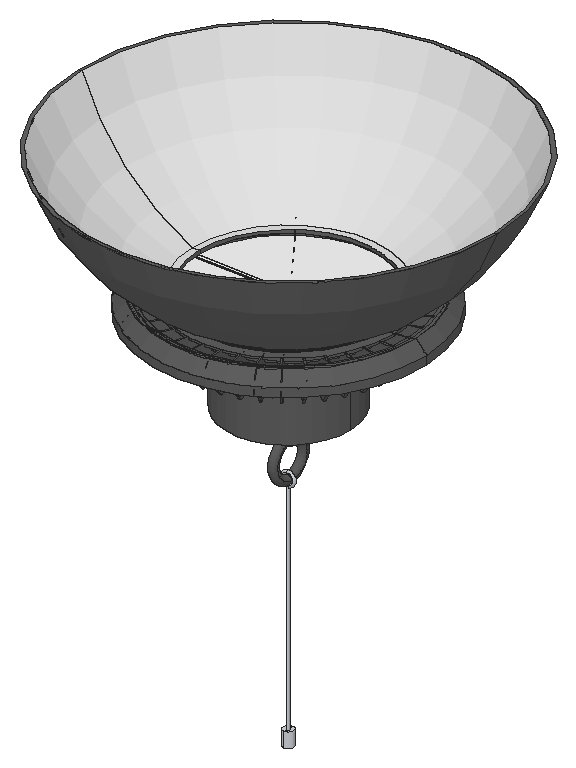
Revit family "0039344+0039357 Feilo Sylvania Lighting Fixture START HIGHBAY 4K 13KLM MEDIUM with ALU SHADE BLACK COLOR FOR 13_19KLM", category Lighting Fixtures, host Face, Revit 2017
Family settings
  Host = Face
  Round Connector Dimension = Use Diameter
  Part Type = Normal
  OmniClass Number = 23.80.70.00
  OmniClass Title = Lighting
  Cut with Voids When Loaded = No
  Light Source = Yes
  Shared = No
  Room Calculation Point = No
Parameters (values of type "0039344+0039357 START HIGHBAY 4K 13KLM MEDIUM ALU SHADE BLACK COLOR FOR 13/19KLM")
  WidthStraight_FEILO = if(SizeS_FEILO, 3 mm, if(SizeM_FEILO, 4 mm, 4.7 mm))  # 3 mm
  WidthRingChamfer_FEILO = if(SizeS_FEILO, 10.3 mm, if(SizeM_FEILO, 11.2 mm, 12.9 mm))  # 10.3 mm
  WidthCurved_FEILO = if(SizeS_FEILO, 17.4 mm, if(SizeM_FEILO, 16.4 mm, 26.2 mm))  # 17.4 mm
  WidthCurvedRing_FEILO = if(SizeS_FEILO, 3 mm, if(SizeM_FEILO, 4 mm, 4.7 mm))  # 3 mm
  WidthBracket_FEILO = 40 mm
  Weight = "3.0 kg"
  Wattage Comments = ""
  Wattage = 100 W
  WarrantyStartDate [instance] = "n/a"
  WarrantyGuarantorParts = "n/a"
  WarrantyDurationUnit = "n/a"
  WarrantyDurationParts = "n/a"
  WarrantyDescription = "n/a"
  built-in parameter 1150110 = 1 (stored number, unit not read)
  Voltage = 230 V
  VisibilityBracket_FEILO = no
  URL = "http://www.sylvania-lighting.com"
  TypeName = "START HIGHBAY 4K 13KLM MEDIUM ALU SHADE BLACK COLOR FOR 13/19KLM"
  Type Image = <None>
  Type Comments = "n/a"
  built-in parameter 1114217 = 1 (stored number, unit not read)
  Tilt Angle = -90.00°
  ThicknessWall_FEILO = 1.5 mm
  ThicknessBracket_FEILO = 1.5 mm
  ThicknessBracketHalf_FEILO = ThicknessBracket_FEILO / 2  # 0.75 mm
  built-in parameter 1150109 = 1 (stored number, unit not read)
  built-in parameter 1150134 = 12
  SuspensionHeight_FEILO [instance] = 400 mm
  built-in parameter 1150113 = 1 (stored number, unit not read)
  SizeS_FEILO = yes
  SizeM_FEILO = no
  ShadeThickness_FEILO = 3 mm
  ShadeSizeSM_FEILO = or(SizeS_FEILO, SizeM_FEILO)  # yes
  ShadeRadiusOut_FEILO = 205 mm
  ShadeRadiusIn_FEILO = if(ShadeSizeSM_FEILO, 95 mm, 121 mm)  # 95 mm
  ShadeRadiusBend_FEILO = if(ShadeSizeSM_FEILO, 210 mm, 210 mm)  # 210 mm
  ShadeHeight_FEILO = if(ShadeSizeSM_FEILO, 120 mm, 151 mm)  # 120 mm
  SerialNumber [instance] = "n/a"
  Rib4_FEILO = if(SizeS_FEILO, 18.1 mm, if(SizeM_FEILO, 13.6 mm, 14.6 mm))  # 18.1 mm
  Rib3_FEILO = if(SizeS_FEILO, 15.3 mm, if(SizeM_FEILO, 17.6 mm, 20.2 mm))  # 15.3 mm
  Rib2_FEILO = if(SizeS_FEILO, 3.6 mm, if(SizeM_FEILO, 3.9 mm, 4.5 mm))  # 3.6 mm
  Rib1_FEILO = if(SizeS_FEILO, 15.1 mm, if(SizeM_FEILO, 16.5 mm, 19 mm))  # 15.1 mm
  RadiusDiffuser_FEILO = if(SizeS_FEILO, 95.2 mm, if(SizeM_FEILO, 105.3 mm, 120 mm))  # 95.2 mm
  RadiusArrayPost_FEILO = DriverRadius_FEILO - 6 mm  # 55.4 mm
  RHRadius3_FEILO = if(SizeS_FEILO, 6.6 mm, if(SizeM_FEILO, 7.4 mm, 8.6 mm))  # 6.6 mm
  RHRadius2_FEILO = if(SizeS_FEILO, 11 mm, if(SizeM_FEILO, 12 mm, 14 mm))  # 11 mm
  RHRadius1_FEILO = if(SizeS_FEILO, 13.6 mm, if(SizeM_FEILO, 14.9 mm, 17.7 mm))  # 13.6 mm
  RHHeight4_FEILO = if(SizeS_FEILO, 7.3 mm, if(SizeM_FEILO, 8 mm, 9.2 mm))  # 7.3 mm
  RHHeight3_FEILO = if(SizeS_FEILO, 3.6 mm, if(SizeM_FEILO, 3.7 mm, 4.6 mm))  # 3.6 mm
  RHHeight2_FEILO = if(SizeS_FEILO, 2 mm, if(SizeM_FEILO, 2.2 mm, 2.6 mm))  # 2 mm
  RHHeight1_FEILO = if(SizeS_FEILO, 11.8 mm, if(SizeM_FEILO, 15.3 mm, 17.4 mm))  # 11.8 mm
  Photometric Web File = "0039344+0039357.ies"
  Material_5_FEILO = Shade-Sylvania-StartHighbay-Alu
  Material_3_FEILO = LED-Sylvania-StartHighbay-Glow
  PowerFactor = 0.95
  PowerConsumption = "100 W"
  NominalLength = 270 mm
  NominalHeight = 170 mm
  NominalDepth = 270 mm
  Name = "START HIGHBAY 4K 13KLM MEDIUM ALU SHADE BLACK COLOR FOR 13/19KLM"
  ModelReference = Name  # "START HIGHBAY 4K 13KLM MEDIUM ALU SHADE BLACK COLOR FOR 13/19KLM"
  ModelNumber = "0039344+0039357"
  Model = Name  # "START HIGHBAY 4K 13KLM MEDIUM ALU SHADE BLACK COLOR FOR 13/19KLM"
  Material = "aluminium alloy housing, polycarbonate diffuser"
  ManufacturerName = "Feilo Sylvania"
  Manufacturer = "Feilo Sylvania"
  LuminousEfficacy = "130 lm/W"
  built-in parameter 1150105 = 17668 (stored number, unit not read)
  Lumens = 13000 lm
  LuminaireType = ""
  built-in parameter 1150115 = 1 (stored number, unit not read)
  LightOutputRatio = "n/a"
  built-in parameter 1150137 = (empty or 0)
  built-in parameter 1150139 = (empty or 0)
  LampsType = Lamp  # "LED"
  LampNominalLuminous = "13000 lm"
  LampMacAdamStep = "n/a"
  LampColourTemperature = "4000 K"
  LampColourRenderingIndex = "80"
  built-in parameter 1150112 = 1 (stored number, unit not read)
  built-in parameter 1150114 = 1 (stored number, unit not read)
  Lamp = "LED"
  Keynote = "16500"
  InstallationDate [instance] = "n/a"
  InputVoltage = "220-240V~"
  InputNominalFrequency = "50/60 Hz"
  built-in parameter 1150132 = (empty or 0)
  built-in parameter 1150102 = (empty or 0)
  built-in parameter 1150107 = 4000 (stored number, unit not read)
  built-in parameter 1150138 = (empty or 0)
  IngressProtection = "IP65"
  ImpactProtectionIndex = "IK08"
  built-in parameter 1150106 = 176.68 (stored number, unit not read)
  IfcExportType = "IfcLightFixtureType"
  IfcExportAs = "IfcLightFixtureType"
  HeightRing_FEILO = if(SizeS_FEILO, 19.8 mm, if(SizeM_FEILO, 32 mm, 36.8 mm))  # 19.8 mm
  HeightRingChamfer_FEILO = if(SizeS_FEILO, 11.7 mm, if(SizeM_FEILO, 23.2 mm, 26.6 mm))  # 11.7 mm
  EyeThickness_FEILO = if(SizeS_FEILO, 8.4 mm, if(SizeM_FEILO, 9.2 mm, 10.5 mm))  # 8.4 mm
  EyeThicknessHalf_FEILO = EyeThickness_FEILO / 2  # 4.2 mm
  EyeInner_FEILO = if(SizeS_FEILO, 13.8 mm, if(SizeM_FEILO, 15.1 mm, 17.3 mm))  # 13.8 mm
  ExpectedLife = 50000
  Emit from Circle Diameter = RadiusDiffuser_FEILO * 2  # 190.4 mm
  Emit Shape Visible in Rendering = no
  ElectricShockClassification = "Class I"
  built-in parameter 1150104 = 12.077 (stored number, unit not read)
  DurationUnit = "hours"
  DriverVerticalStraight_FEILO = if(SizeS_FEILO, 46.5 mm, if(SizeM_FEILO, 49.7 mm, 57 mm))  # 46.5 mm
  DriverVerticalChamfer_FEILO = if(SizeS_FEILO, 7.5 mm, if(SizeM_FEILO, 8.2 mm, 9.5 mm))  # 7.5 mm
  DriverRadius_FEILO = if(SizeS_FEILO, 61.4 mm, if(SizeM_FEILO, 67.2 mm, 76.4 mm))  # 61.4 mm
  DriverRadiusTop_FEILO = if(SizeS_FEILO, 42 mm, if(SizeM_FEILO, 45.3 mm, 52.4 mm))  # 42 mm
  DriverBottom_FEILO = if(SizeS_FEILO, 56 mm, if(SizeM_FEILO, 64.5 mm, 74 mm))  # 56 mm
  DocumentationLiterature = "http://www.sylvania-lighting.com/product/en-int/products/0039344"
  DimmingControlOptions = "n/a"
  Material_2_FEILO = Diffuser-Sylvania-StartHighbay-Transparent
  Radius_FEILO = if(SizeS_FEILO, 135 mm, if(SizeM_FEILO, 148 mm, 169.5 mm))  # 135 mm
  Dimming Lamp Color Temperature Shift = <None>
  DiameterWire_FEILO = 3 mm
  DiameterWireSupport_FEILO = 10 mm
  Description = "START HIGHBAY, includes 1 m cables, black aluminium housing, 13000LM, 100W, 130lm/W, 4000K, Driver current: 2140mA, CR80, 60° beam angle, 1-10V dimmable,  IP65, IK08, 50,000 hrs (L70B50), (LxWxH) 270x270x170mm"
  Default Elevation = 1219.2 mm
  CreatedOn = "2/28/2018"
  CreatedBy = ""
  Cost = 0
  Color Filter = 16777215
  built-in parameter 1114216 [instance] = (empty or 0)
  ClassificationValue = "EF_70_80"
  ClassificationName = "Uniclass2015"
  Material_1_FEILO = Body-Sylvania-StartHighbay-Black
  BarCode [instance] = "n/a"
  built-in parameter 1114218 = 1 (stored number, unit not read)
  built-in parameter 1150133 = 10 (stored number, unit not read)
  AssetType = "Fixed"
  AssetIdentifier [instance] = "n/a"
  Assembly Code = "D5020200"
  Apparent Load = 100 VA
  Material_4_FEILO = Shade-Sylvania-StartHighbay-Black
Reference planes
  plane 1 "Center (Front/Back)": y = 0
  plane 2: z = 0
  plane 3 "Center (Left/Right)": x = 0
  plane 4: z = 400
  plane 5: x = -135
  plane 6: x = -124.7
  plane 7: z = 388.3
  plane 8: z = 380.2
  plane 9: x = -121.7
  plane 10: z = 397.375
  plane 11: x = -104.3
  plane 12: x = -95.2
  plane 13: x = -118.7
  plane 14: z = 398.375
  plane 15: z = 396.375
  plane 16: x = -92.2
  plane 17: z = 395.375
  plane 18: x = -133.5
  plane 19: x = -119.9
  plane 20: z = 376.6
  plane 21: x = -104.6
  plane 22: z = 358.5
  plane 23: x = -20
  plane 24: z = 344
  plane 25: x = -61.4
  plane 26: z = 297.5
  plane 27: x = -42
  plane 28: z = 290
  plane 29: x = -13.6
  plane 30: z = 278.2
  plane 31: z = 276.2
  plane 32: x = -11
  plane 33: z = 272.6
  plane 34: z = 265.3
  plane 35: x = -6.6
  plane 36: z = 251.5
  plane 37: z = 237.7
  plane 38: x = 4.2
  plane 39: x = -4.2
  plane 40: z = 229.3
  plane 41: z = 233.5
  plane 42: x = -129.1
  plane 43: x = -132.5
  plane 44: z = 378.7
  plane 45: x = -123.2
  plane 46: z = 320.75
  plane 47: y = -20
  plane 48: y = 20
  plane 49: x = 135
  plane 50: x = 124.7
  plane 51: x = 133.5
  plane 52: x = 129.1
  plane 53: x = 132.5
  plane 54: x = 123.2
  plane 55: z = 240.7
  plane 56: y = 1.5
  plane 57: y = -1.5
  plane 58: z = 239.2
  plane 59: z = 227.8
  plane 60: z = 226.3
  plane 61: y = -5
  plane 62: y = 5
  plane 63: z = 14
  plane 64: x = -205
  plane 65: z = 520
  plane 66: x = -95
  plane 67: x = -87
  plane 68: x = -202
  plane 69: z = 403
Forms (mm)
  Revolve 1, solid, material "Body-Sylvania-StartHighbay-Black" <- "Material_1_FEILO", detail levels medium+fine
    sketch origin (0, 0, 0) x (1, 0, 0) y (0, 0, 1)
      loop
        line (-135, 380.2) -> (-133.5, 380.2) -> (-133.5, 387.734) -> (-125.012, 397.375) -> (-118.7, 397.375) -> (-118.7, 399.16)
        arc (-118.7, 399.16) -> (-120.206, 399.56) -> (-121.7, 400) r 58.981
        line (-121.7, 400) -> (-124.241, 400)
        arc (-124.241, 400) -> (-124.657, 399.911) -> (-124.999, 399.66) r 1.015
        line (-124.999, 399.66) -> (-135, 388.3) -> (-135, 380.2)
      axis (0, 400) -> (0, 380.2)
    angle from 360 to 0
  Revolve 2, solid, material "Body-Sylvania-StartHighbay-Black" <- "Material_1_FEILO", detail levels medium+fine
    sketch origin (0, 0, 0) x (1, 0, 0) y (0, 0, 1)
      loop
        line (-104.3, 395.375) -> (-95.2, 395.375) -> (-95.2, 388.3) -> (0, 388.3) -> (0, 395.375) -> (-92.2, 395.375) -> (-92.2, 396.375) -> (-95.2, 396.375) -> (-95.2, 397.375) -> (-104.3, 397.375) -> (-104.3, 395.375)
      axis (0, 397.375) -> (0, 388.3)
    angle from 360 to 0
  Revolve 3, solid, material "Diffuser-Sylvania-StartHighbay-Transparent" <- "Material_2_FEILO", detail levels medium+fine
    sketch origin (0, 0, 0) x (1, 0, 0) y (0, 0, 1)
      loop
        line (-95.2, 396.375) -> (0, 396.375) -> (0, 398.375) -> (-95.2, 398.375) -> (-95.2, 396.375)
      axis (0, 398.375) -> (0, 396.375)
    angle from 360 to 0
  Revolve 4, solid, material "Body-Sylvania-StartHighbay-Black" <- "Material_1_FEILO"
    sketch origin (0, 0, 0) x (1, 0, 0) y (0, 0, 1)
      loop
        line (-61.4, 358.5) -> (-61.4, 297.5) -> (-42, 290) -> (-13.6, 290) -> (-13.6, 278.2) -> (-11, 276.2) -> (-11, 272.6) -> (-7.037, 266.026)
        arc (-7.037, 266.026) -> (-6.49, 265.494) -> (-5.753, 265.3) r 1.5
        line (-5.753, 265.3) -> (0, 265.3) -> (0, 358.5) -> (-61.4, 358.5)
      axis (0, 358.5) -> (0, 265.3)
    angle from 360 to 0
  Revolve 5, solid, material "Body-Sylvania-StartHighbay-Black" <- "Material_1_FEILO"
    sketch origin (0, 0, 0) x (1, 0, 0) y (0, 0, 1)
      loop
        circle (0, 233.5) r 4.2
      axis (4.2, 251.5) -> (-4.2, 251.5)
    angle from 360 to 0
  Extrusion 6, solid, material "Body-Sylvania-StartHighbay-Black" <- "Material_1_FEILO", visible <- "VisibilityBracket_FEILO"
    sketch origin (0, 0, 0) x (1, 0, 0) y (0, 0, 1)
      loop
        line (-132.5, 380.2) -> (-132.5, 378.7) -> (-125.45, 378.7)
        arc (-125.45, 378.7) -> (-124.92, 378.48) -> (-124.7, 377.95) r 0.75
        line (-124.7, 377.95) -> (-124.7, 320.75) -> (-123.2, 320.75) -> (-123.2, 378.7)
        arc (-123.2, 378.7) -> (-123.639, 379.761) -> (-124.7, 380.2) r 1.5
        line (-124.7, 380.2) -> (-132.5, 380.2)
      loop
        line (132.5, 380.2) -> (124.7, 380.2)
        arc (124.7, 380.2) -> (123.639, 379.761) -> (123.2, 378.7) r 1.5
        line (123.2, 378.7) -> (123.2, 320.75) -> (124.7, 320.75) -> (124.7, 377.95)
        arc (124.7, 377.95) -> (124.92, 378.48) -> (125.45, 378.7) r 0.75
        line (125.45, 378.7) -> (132.5, 378.7) -> (132.5, 380.2)
    from -20 to 20
  Extrusion 7, void
    sketch origin (0, 0, 0) x (0, 1, 0) y (0, 0, 1)
      loop
        arc (-10, 320.75) -> (-17.071, 323.679) -> (-20, 330.75) r 10
        line (-20, 330.75) -> (-25, 330.75) -> (-25, 315.75) -> (-10, 315.75) -> (-10, 320.75)
      loop
        line (10, 320.75) -> (10, 315.75) -> (25, 315.75) -> (25, 330.75) -> (20, 330.75)
        arc (20, 330.75) -> (17.071, 323.679) -> (10, 320.75) r 10
    from -124.7 to 124.7
  Revolve 8, solid, material "Body-Sylvania-StartHighbay-Black" <- "Material_1_FEILO", detail levels coarse
    sketch origin (0, 0, 0) x (1, 0, 0) y (0, 0, 1)
      loop
        line (0, 400) -> (-124.7, 400) -> (-135, 388.3) -> (-135, 380.2) -> (-119.9, 380.2) -> (-119.9, 376.6) -> (-104.6, 358.5) -> (0, 358.5) -> (0, 400)
      axis (0, 400) -> (0, 358.5)
    angle from 360 to 0
  Revolve 9, solid
    sketch origin (0, 0, 0) x (0, 1, 0) y (0, 0, 1)
      loop
        circle (0, 239.2) r 1.5
      axis (1.5, 233.5) -> (-1.5, 233.5)
    angle from 360 to 0
  Revolve 10, solid
    sketch origin (0, 0, 0) x (0, 1, 0) y (0, 0, 1)
      loop
        line (0, 0) -> (0, 227.8) -> (-1.5, 227.8) -> (-1.5, 14) -> (-5, 14) -> (-5, 0) -> (0, 0)
      axis (0, 0) -> (0, 227.8)
    angle from 360 to 0
  Revolve 11, solid, material "Shade-Sylvania-StartHighbay-Black" <- "Material_4_FEILO"
    sketch origin (0, 0, 0) x (1, 0, 0) y (0, 0, 1)
      loop
        line (-95, 400) -> (-87, 400) -> (-87, 403) -> (-94.341, 403)
        arc (-94.341, 403) -> (-159.747, 450.78) -> (-201.81, 520) r 207
        line (-201.81, 520) -> (-205, 520)
        arc (-205, 520) -> (-162.101, 448.908) -> (-95, 400) r 210
      axis (0, 520) -> (0, 400)
    angle from 360 to 0
Cuts and joins
  Extrusion 7 cuts Extrusion 6
Lines and regions (mm)
  reference lines
    curve 1: line (-135, 0, 388.3) -> (-124.7, 0, 400)
    curve 2: line (-104.3, 0, 397.375) -> (0, 0, 397.375)
    curve 3: arc (-104.3, 0, 397.375) -> (-113.098, 0, 398.035) -> (-121.7, 0, 400) r 58.981
    curve 4: line (-124.7, 0, 400) -> (-121.7, 0, 400)
    curve 5: line (-125.012, 0, 397.375) -> (-133.5, 0, 387.734)
    curve 6: line (-119.9, 0, 376.6) -> (-104.6, 0, 358.5)
    curve 7: line (-11, 0, 272.6) -> (-6.6, 0, 265.3)
    curve 8: circle (0, 0, 233.5) r 4.2 normal (0, -1, 0)
    curve 9: arc (-95, 0, 400) -> (-162.101, 0, 448.908) -> (-205, 0, 520) r 210
Dimensions and locks
  "Radius_FEILO": plane 3 "Center (Left/Right)" to plane 5
  "WidthRingChamfer_FEILO": plane 6 to plane 5
  "WidthStraight_FEILO": plane 9 to plane 6
  "WidthCurvedRing_FEILO": plane 13 to plane 9
  locked: plane 10 to plane 15 at 1
  locked: plane 14 to plane 10 at 1
  locked: plane 4 to plane 10 at 2.625
  locked: plane 15 to plane 17 at 1
  "ThicknessWall_FEILO": plane 18 to plane 5
  "ThicknessWall_FEILO": curve 5 to curve 1
  "HeightRingChamfer_FEILO": plane 4 to plane 7
  "HeightRing_FEILO": plane 4 to plane 8
  "RadiusDiffuser_FEILO": plane 3 "Center (Left/Right)" to plane 12
  locked: plane 16 to plane 12 at 3
  "WidthCurved_FEILO": plane 11 to plane 9
  "SuspensionHeight_FEILO": plane 4 to plane 2
  "Rib1_FEILO": plane 19 to plane 5
  "Rib2_FEILO": plane 8 to plane 20
  "Rib3_FEILO": plane 21 to plane 19
  "Rib4_FEILO": plane 20 to plane 22
  locked: plane 3 "Center (Left/Right)" to plane 23 at 20
  "DriverBottom_FEILO": plane 4 to plane 24
  "DriverRadius_FEILO": plane 3 "Center (Left/Right)" to plane 25
  "DriverVerticalStraight_FEILO": plane 24 to plane 26
  "DriverRadiusTop_FEILO": plane 3 "Center (Left/Right)" to plane 27
  "DriverVerticalChamfer_FEILO": plane 26 to plane 28
  "RHRadius1_FEILO": plane 3 "Center (Left/Right)" to plane 29
  "RHHeight2_FEILO": plane 30 to plane 31
  "RHRadius2_FEILO": plane 3 "Center (Left/Right)" to plane 32
  "RHHeight3_FEILO": plane 31 to plane 33
  "RHHeight4_FEILO": plane 33 to plane 34
  "RHRadius3_FEILO": plane 3 "Center (Left/Right)" to plane 35
  "RHHeight1_FEILO": plane 28 to plane 30
  "EyeInner_FEILO": plane 34 to plane 36
  "EyeInner_FEILO": plane 36 to plane 37
  equal spacing: plane 38, plane 3 "Center (Left/Right)", plane 39
  "EyeThickness_FEILO": plane 38 to plane 39
  "EyeThickness_FEILO": plane 37 to plane 40
  equal spacing: plane 37, plane 41, plane 40
  equal spacing: plane 6, plane 42, plane 18
  "ThicknessBracket_FEILO": plane 45 to plane 6
  "ThicknessBracket_FEILO": plane 8 to plane 44
  locked: plane 43 to plane 18 at 1
  equal spacing: plane 24, plane 46, plane 26
  equal spacing: plane 47, plane 1 "Center (Front/Back)", plane 48
  "WidthBracket_FEILO": plane 47 to plane 48
  "WidthRingChamfer_FEILO": plane 50 to plane 49
  "ThicknessWall_FEILO": plane 51 to plane 49
  equal spacing: plane 50, plane 52, plane 51
  "ThicknessBracket_FEILO": plane 54 to plane 50
  locked: plane 53 to plane 51 at 1
  "Radius_FEILO": plane 49 to plane 3 "Center (Left/Right)"
  equal spacing: plane 57, imposter light, plane 56
  "DiameterWire_FEILO": plane 57 to plane 56
  "DiameterWire_FEILO": plane 37 to plane 55
  equal spacing: plane 37, plane 58, plane 55
  "DiameterWire_FEILO": plane 60 to plane 40
  equal spacing: plane 60, plane 59, plane 40
  equal spacing: plane 61, plane 1 "Center (Front/Back)", plane 62
  "DiameterWireSupport_FEILO": plane 61 to plane 62
  locked: plane 63 to plane 2 at 14
  "ShadeRadiusOut_FEILO": plane 3 "Center (Left/Right)" to plane 64
  "ShadeHeight_FEILO": plane 65 to plane 4
  "ShadeRadiusIn_FEILO": plane 3 "Center (Left/Right)" to plane 66
  locked: plane 67 to plane 66 at 8
  "ShadeThickness_FEILO": plane 69 to plane 4
  "ShadeThickness_FEILO": plane 68 to plane 64
  "EyeThicknessHalf_FEILO": radius of curve 8
  "ThicknessBracket_FEILO": radius of Extrusion 6 sketch curve  (x2)
  "ThicknessBracketHalf_FEILO": radius of Extrusion 6 sketch curve  (x2)
  "DiameterWire_FEILO": diameter of Revolve 9 sketch curve
  "ShadeRadiusBend_FEILO": radius of curve 9
  aligned and locked: plane 2 to host face
  aligned and locked: level to host face
  aligned and locked: plane 5 to curve 1
  aligned and locked: plane 6 to curve 1
  aligned and locked: plane 7 to curve 1
  aligned and locked: plane 10 to curve 2
  aligned and locked: plane 9 to curve 3
  aligned and locked: plane 4 to curve 3
  aligned and locked: plane 11 to curve 3
  aligned and locked: plane 4 to curve 4
  aligned and locked: plane 18 to curve 5
  aligned and locked: plane 10 to curve 5
  aligned and locked: Revolve 1 sketch curve to plane 3 "Center (Left/Right)"
  aligned and locked: Revolve 1 sketch curve to curve 3
  aligned and locked: Revolve 1 sketch curve to curve 1
  aligned and locked: plane 4 to Revolve 1 sketch curve
  aligned and locked: plane 9 to Revolve 1 sketch curve
  aligned and locked: Revolve 1 sketch curve to plane 13
  aligned and locked: Revolve 1 sketch curve to plane 10
  aligned and locked: plane 13 to Revolve 1 sketch curve
  aligned and locked: plane 10 to Revolve 1 sketch curve
  aligned and locked: Revolve 1 sketch curve to plane 18
  aligned and locked: Revolve 1 sketch curve to plane 8
  aligned and locked: plane 5 to Revolve 1 sketch curve  (x2)
  aligned and locked: Revolve 2 sketch curve to plane 3 "Center (Left/Right)"
  aligned and locked: plane 11 to Revolve 2 sketch curve
  aligned and locked: Revolve 2 sketch curve to curve 2
  aligned and locked: plane 15 to Revolve 2 sketch curve
  aligned and locked: Revolve 2 sketch curve to plane 16
  aligned and locked: plane 17 to Revolve 2 sketch curve  (x2)
  aligned and locked: Revolve 2 sketch curve to plane 12
  aligned and locked: plane 7 to Revolve 2 sketch curve
  aligned and locked: Revolve 3 sketch curve to plane 3 "Center (Left/Right)"
  aligned and locked: Revolve 3 sketch curve to plane 14
  aligned and locked: plane 3 "Center (Left/Right)" to Revolve 3 sketch curve
  aligned and locked: Revolve 3 sketch curve to plane 12
  aligned and locked: plane 15 to Revolve 3 sketch curve
  aligned and locked: Revolve 1 sketch curve to curve 5
  aligned and locked: plane 22 to curve 6
  aligned and locked: plane 21 to curve 6
  aligned and locked: plane 20 to curve 6
  aligned and locked: plane 19 to curve 6
  aligned and locked: plane 33 to curve 7
  aligned and locked: plane 32 to curve 7
  aligned and locked: plane 35 to curve 7
  aligned and locked: plane 34 to curve 7
  aligned and locked: Revolve 4 sketch curve to plane 3 "Center (Left/Right)"
  aligned and locked: Revolve 4 sketch curve to plane 25
  aligned and locked: plane 27 to Revolve 4 sketch curve
  aligned and locked: plane 28 to Revolve 4 sketch curve
  aligned and locked: plane 30 to Revolve 4 sketch curve
  aligned and locked: Revolve 4 sketch curve to plane 29
  aligned and locked: plane 31 to Revolve 4 sketch curve
  aligned and locked: Revolve 4 sketch curve to curve 7
  aligned and locked: Revolve 4 sketch curve to plane 32
  aligned and locked: plane 34 to Revolve 4 sketch curve
  aligned and locked: plane 3 "Center (Left/Right)" to Revolve 4 sketch curve
  aligned and locked: plane 3 "Center (Left/Right)" to curve 8
  aligned and locked: plane 41 to curve 8
  aligned and locked: Revolve 5 sketch curve to plane 36
  aligned and locked: Revolve 5 sketch curve to curve 8
  aligned and locked: plane 43 to Extrusion 6 sketch curve  (x2)
  aligned and locked: plane 8 to Extrusion 6 sketch curve  (x3)
  aligned and locked: Extrusion 6 sketch curve to plane 45
  aligned and locked: Extrusion 6 sketch curve to plane 46  (x2)
  aligned and locked: plane 6 to Extrusion 6 sketch curve
  aligned and locked: Extrusion 6 sketch curve to plane 44  (x2)
  aligned and locked: Extrusion 6 to plane 48
  aligned and locked: plane 47 to Extrusion 6
  aligned and locked: plane 53 to Extrusion 6 sketch curve
  aligned and locked: plane 50 to Extrusion 6 sketch curve
  aligned and locked: Extrusion 6 sketch curve to plane 54
  aligned and locked: Extrusion 7 sketch curve to Extrusion 7 sketch curve
  aligned and locked: Extrusion 7 to plane 6
  aligned and locked: Extrusion 7 to Extrusion 6
  aligned and locked: Revolve 4 sketch curve to plane 22
  aligned and locked: plane 23 to nested 1
  aligned and locked: plane 1 "Center (Front/Back)" to nested 1
  aligned and locked: Revolve 8 sketch curve to plane 3 "Center (Left/Right)"
  aligned and locked: Revolve 8 sketch curve to plane 4
  aligned and locked: plane 6 to Revolve 8 sketch curve
  aligned and locked: plane 4 to Revolve 8 sketch curve
  aligned and locked: plane 7 to Revolve 8 sketch curve
  aligned and locked: Revolve 8 sketch curve to plane 5
  aligned and locked: plane 8 to Revolve 8 sketch curve  (x2)
  aligned and locked: Revolve 8 sketch curve to plane 19
  aligned and locked: plane 20 to Revolve 8 sketch curve
  aligned and locked: plane 19 to Revolve 8 sketch curve
  aligned and locked: plane 21 to Revolve 8 sketch curve
  aligned and locked: plane 22 to Revolve 8 sketch curve  (x2)
  aligned and locked: Revolve 8 sketch curve to Revolve 8 sketch curve
  aligned and locked: imposter light to plane 4
  aligned and locked: plane 3 "Center (Left/Right)" to imposter light
  aligned and locked: imposter light to plane 1 "Center (Front/Back)"
  aligned and locked: Revolve 9 sketch curve to plane 41
  aligned and locked: Revolve 10 sketch curve to plane 1 "Center (Front/Back)"
  aligned and locked: plane 1 "Center (Front/Back)" to Revolve 10 sketch curve  (x2)
  aligned and locked: host face to Revolve 10 sketch curve
  aligned and locked: plane 63 to Revolve 10 sketch curve
  aligned and locked: Revolve 10 sketch curve to plane 61
  aligned and locked: Revolve 10 sketch curve to plane 57
  aligned and locked: plane 59 to Revolve 10 sketch curve
  aligned and locked: plane 64 to curve 9
  aligned and locked: plane 65 to curve 9
  aligned and locked: plane 66 to curve 9
  aligned and locked: plane 4 to curve 9
  aligned and locked: Revolve 11 sketch curve to curve 9
  aligned and locked: plane 67 to Revolve 11 sketch curve
  aligned and locked: plane 66 to Revolve 11 sketch curve
  aligned and locked: plane 65 to Revolve 11 sketch curve  (x2)
  aligned and locked: Revolve 11 sketch curve to plane 67
  aligned and locked: plane 69 to Revolve 11 sketch curve
Automatic sketch dimensions
  host sketch curve to host sketch curve = 2438.4 mm  (x2)
  Revolve 1 sketch curve to plane 6 = 0.299 mm
  plane 6 to Revolve 1 sketch curve = 0.459 mm
  Revolve 1 sketch curve to level = 609.6 mm
  Revolve 1 sketch curve to Revolve 1 sketch curve = 2312.223 mm
  Revolve 2 sketch curve to plane 12 = 0 mm
  Revolve 2 sketch curve to plane 3 "Center (Left/Right)" = 0 mm
  Revolve 2 sketch curve to level = 609.6 mm
  Revolve 2 sketch curve to plane 4 = 2339.058 mm
  Revolve 3 sketch curve to level = 609.6 mm
  Revolve 3 sketch curve to plane 4 = 2339.058 mm
  Revolve 5 sketch curve to plane 5 = 1080 mm
  plane 38 to Revolve 5 sketch curve = 1219.2 mm
  Extrusion 7 sketch curve to plane 47 = 0 mm
  plane 46 to Extrusion 7 sketch curve = 0 mm  (x2)
  Extrusion 7 sketch curve to plane 48 = 0 mm
  plane 47 to Extrusion 7 sketch curve = 5 mm
  plane 1 "Center (Front/Back)" to Extrusion 7 sketch curve = 10 mm
  Extrusion 7 sketch curve to Extrusion 7 sketch curve = 10 mm
  plane 46 to Extrusion 7 sketch curve = 5 mm
  Extrusion 7 sketch curve to Extrusion 7 sketch curve = 5 mm
  Extrusion 7 sketch curve to plane 48 = 5 mm
  Revolve 4 sketch curve to plane 26 = 0 mm
  Revolve 4 sketch curve to plane 35 = 0.437 mm
  plane 35 to Revolve 4 sketch curve = 0.847 mm
  Revolve 4 sketch curve to plane 34 = 0.726 mm
  plane 40 to Revolve 4 sketch curve = 590.2 mm
  Revolve 4 sketch curve to plane 4 = 2339.058 mm
  Revolve 8 sketch curve to level = 609.6 mm
  Revolve 8 sketch curve to Revolve 8 sketch curve = 2386.058 mm
  Revolve 9 sketch curve to plane 1 "Center (Front/Back)" = 0 mm
  plane 58 to Revolve 9 sketch curve = 0 mm
  plane 47 to Revolve 9 sketch curve = 2534.941 mm
  Revolve 9 sketch curve to plane 48 = 2077.409 mm
  Revolve 10 sketch curve to Revolve 10 sketch curve = 609.6 mm
  Revolve 10 sketch curve to plane 4 = 2123.807 mm
  curve 2 to plane 3 "Center (Left/Right)" = 0 mm
  Revolve 11 sketch curve to Revolve 11 sketch curve = 0 mm  (x2)
  Revolve 11 sketch curve to plane 3 "Center (Left/Right)" = 0 mm
  plane 66 to Revolve 11 sketch curve = 0.659 mm
  Revolve 11 sketch curve to level = 609.6 mm
  Revolve 11 sketch curve to Revolve 11 sketch curve = 2068.248 mm
Nested families
  nested 1: "Start Highbay Rib" at (0, 0, 397.375), type "Type Name", detail levels medium+fine
    with SuspensionHeight_FEILO 2.6 mm
  nested 2: "Start Highbay Rib" at (0, 0, 397.375) x (0.9877, 0.1564, 0) z (0, 0, 1), type "Type Name", detail levels medium+fine
    with SuspensionHeight_FEILO 2.6 mm
  nested 3: "Start Highbay Rib" at (0, 0, 397.375) x (0.9511, 0.309, 0) z (0, 0, 1), type "Type Name", detail levels medium+fine
    with SuspensionHeight_FEILO 2.6 mm
  nested 4: "Start Highbay Rib" at (0, 0, 397.375) x (0.891, 0.454, 0) z (0, 0, 1), type "Type Name", detail levels medium+fine
    with SuspensionHeight_FEILO 2.6 mm
  nested 5: "Start Highbay Rib" at (0, 0, 397.375) x (0.809, 0.5878, 0) z (0, 0, 1), type "Type Name", detail levels medium+fine
    with SuspensionHeight_FEILO 2.6 mm
  nested 6: "Start Highbay Rib" at (0, 0, 397.375) x (0.7071, 0.7071, 0) z (0, 0, 1), type "Type Name", detail levels medium+fine
    with SuspensionHeight_FEILO 2.6 mm
  nested 7: "Start Highbay Rib" at (0, 0, 397.375) x (0.5878, 0.809, 0) z (0, 0, 1), type "Type Name", detail levels medium+fine
    with SuspensionHeight_FEILO 2.6 mm
  nested 8: "Start Highbay Rib" at (0, 0, 397.375) x (0.454, 0.891, 0) z (0, 0, 1), type "Type Name", detail levels medium+fine
    with SuspensionHeight_FEILO 2.6 mm
  nested 9: "Start Highbay Rib" at (0, 0, 397.375) x (0.309, 0.9511, 0) z (0, 0, 1), type "Type Name", detail levels medium+fine
    with SuspensionHeight_FEILO 2.6 mm
  nested 10: "Start Highbay Rib" at (0, 0, 397.375) x (0.1564, 0.9877, 0) z (0, 0, 1), type "Type Name", detail levels medium+fine
    with SuspensionHeight_FEILO 2.6 mm
  nested 11: "Start Highbay Rib" at (0, 0, 397.375) x (0, 1, 0) z (0, 0, 1), type "Type Name", detail levels medium+fine
    with SuspensionHeight_FEILO 2.6 mm
  nested 12: "Start Highbay Rib" at (0, 0, 397.375) x (-0.1564, 0.9877, 0) z (0, 0, 1), type "Type Name", detail levels medium+fine
    with SuspensionHeight_FEILO 2.6 mm
  nested 13: "Start Highbay Rib" at (0, 0, 397.375) x (-0.309, 0.9511, 0) z (0, 0, 1), type "Type Name", detail levels medium+fine
    with SuspensionHeight_FEILO 2.6 mm
  nested 14: "Start Highbay Rib" at (0, 0, 397.375) x (-0.454, 0.891, 0) z (0, 0, 1), type "Type Name", detail levels medium+fine
    with SuspensionHeight_FEILO 2.6 mm
  nested 15: "Start Highbay Rib" at (0, 0, 397.375) x (-0.5878, 0.809, 0) z (0, 0, 1), type "Type Name", detail levels medium+fine
    with SuspensionHeight_FEILO 2.6 mm
  nested 16: "Start Highbay Rib" at (0, 0, 397.375) x (-0.7071, 0.7071, 0) z (0, 0, 1), type "Type Name", detail levels medium+fine
    with SuspensionHeight_FEILO 2.6 mm
  nested 17: "Start Highbay Rib" at (0, 0, 397.375) x (-0.809, 0.5878, 0) z (0, 0, 1), type "Type Name", detail levels medium+fine
    with SuspensionHeight_FEILO 2.6 mm
  nested 18: "Start Highbay Rib" at (0, 0, 397.375) x (-0.891, 0.454, 0) z (0, 0, 1), type "Type Name", detail levels medium+fine
    with SuspensionHeight_FEILO 2.6 mm
  nested 19: "Start Highbay Rib" at (0, 0, 397.375) x (-0.9511, 0.309, 0) z (0, 0, 1), type "Type Name", detail levels medium+fine
    with SuspensionHeight_FEILO 2.6 mm
  nested 20: "Start Highbay Rib" at (0, 0, 397.375) x (-0.9877, 0.1564, 0) z (0, 0, 1), type "Type Name", detail levels medium+fine
    with SuspensionHeight_FEILO 2.6 mm
  nested 21: "Start Highbay Rib" at (0, 0, 397.375) x (-1, 0, 0) z (0, 0, 1), type "Type Name", detail levels medium+fine
    with SuspensionHeight_FEILO 2.6 mm
  nested 22: "Start Highbay Rib" at (0, 0, 397.375) x (-0.9877, -0.1564, 0) z (0, 0, 1), type "Type Name", detail levels medium+fine
    with SuspensionHeight_FEILO 2.6 mm
  nested 23: "Start Highbay Rib" at (0, 0, 397.375) x (-0.9511, -0.309, 0) z (0, 0, 1), type "Type Name", detail levels medium+fine
    with SuspensionHeight_FEILO 2.6 mm
  nested 24: "Start Highbay Rib" at (0, 0, 397.375) x (-0.891, -0.454, 0) z (0, 0, 1), type "Type Name", detail levels medium+fine
    with SuspensionHeight_FEILO 2.6 mm
  nested 25: "Start Highbay Rib" at (0, 0, 397.375) x (-0.809, -0.5878, 0) z (0, 0, 1), type "Type Name", detail levels medium+fine
    with SuspensionHeight_FEILO 2.6 mm
  nested 26: "Start Highbay Rib" at (0, 0, 397.375) x (-0.7071, -0.7071, 0) z (0, 0, 1), type "Type Name", detail levels medium+fine
    with SuspensionHeight_FEILO 2.6 mm
  nested 27: "Start Highbay Rib" at (0, 0, 397.375) x (-0.5878, -0.809, 0) z (0, 0, 1), type "Type Name", detail levels medium+fine
    with SuspensionHeight_FEILO 2.6 mm
  nested 28: "Start Highbay Rib" at (0, 0, 397.375) x (-0.454, -0.891, 0) z (0, 0, 1), type "Type Name", detail levels medium+fine
    with SuspensionHeight_FEILO 2.6 mm
  nested 29: "Start Highbay Rib" at (0, 0, 397.375) x (-0.309, -0.9511, 0) z (0, 0, 1), type "Type Name", detail levels medium+fine
    with SuspensionHeight_FEILO 2.6 mm
  nested 30: "Start Highbay Rib" at (0, 0, 397.375) x (-0.1564, -0.9877, 0) z (0, 0, 1), type "Type Name", detail levels medium+fine
    with SuspensionHeight_FEILO 2.6 mm
  nested 31: "Start Highbay Rib" at (0, 0, 397.375) x (0, -1, 0) z (0, 0, 1), type "Type Name", detail levels medium+fine
    with SuspensionHeight_FEILO 2.6 mm
  nested 32: "Start Highbay Rib" at (0, 0, 397.375) x (0.1564, -0.9877, 0) z (0, 0, 1), type "Type Name", detail levels medium+fine
    with SuspensionHeight_FEILO 2.6 mm
  nested 33: "Start Highbay Rib" at (0, 0, 397.375) x (0.309, -0.9511, 0) z (0, 0, 1), type "Type Name", detail levels medium+fine
    with SuspensionHeight_FEILO 2.6 mm
  nested 34: "Start Highbay Rib" at (0, 0, 397.375) x (0.454, -0.891, 0) z (0, 0, 1), type "Type Name", detail levels medium+fine
    with SuspensionHeight_FEILO 2.6 mm
  nested 35: "Start Highbay Rib" at (0, 0, 397.375) x (0.5878, -0.809, 0) z (0, 0, 1), type "Type Name", detail levels medium+fine
    with SuspensionHeight_FEILO 2.6 mm
  nested 36: "Start Highbay Rib" at (0, 0, 397.375) x (0.7071, -0.7071, 0) z (0, 0, 1), type "Type Name", detail levels medium+fine
    with SuspensionHeight_FEILO 2.6 mm
  nested 37: "Start Highbay Rib" at (0, 0, 397.375) x (0.809, -0.5878, 0) z (0, 0, 1), type "Type Name", detail levels medium+fine
    with SuspensionHeight_FEILO 2.6 mm
  nested 38: "Start Highbay Rib" at (0, 0, 397.375) x (0.891, -0.454, 0) z (0, 0, 1), type "Type Name", detail levels medium+fine
    with SuspensionHeight_FEILO 2.6 mm
  nested 39: "Start Highbay Rib" at (0, 0, 397.375) x (0.9511, -0.309, 0) z (0, 0, 1), type "Type Name", detail levels medium+fine
    with SuspensionHeight_FEILO 2.6 mm
  nested 40: "Start Highbay Rib" at (0, 0, 397.375) x (0.9877, -0.1564, 0) z (0, 0, 1), type "Type Name", detail levels medium+fine
    with SuspensionHeight_FEILO 2.6 mm
Connectors
  electrical at (0, 0, 0), driven by "Apparent Load", driven by "PowerFactor", driven by "Voltage"
    settings: index 1, voltage 230 V, apparent load 100 VA, apparent load phase1 0 VA, apparent load phase2 0 VA, apparent load phase3 0 VA, power factor 0.95, load classification "Lighting", number of poles 1, system type 30, power factor state 1, is connector primary yes, connector utility no, sub classification motor no, connector description ""
Definition of nested family "Start Highbay Rib"
  Parameters (values of type "Type Name")
    WidthStraight_FEILO = if(SizeS_FEILO, 3 mm, if(SizeM_FEILO, 4 mm, 4.7 mm))  # 3 mm
    WidthRingChamfer_FEILO = if(SizeS_FEILO, 10.3 mm, if(SizeM_FEILO, 11.2 mm, 12.9 mm))  # 10.3 mm
    WidthCurved_FEILO = if(SizeS_FEILO, 17.4 mm, if(SizeM_FEILO, 16.4 mm, 26.2 mm))  # 17.4 mm
    WidthCurvedRing_FEILO = if(SizeS_FEILO, 3 mm, if(SizeM_FEILO, 4 mm, 4.7 mm))  # 3 mm
    WidthBracket_FEILO = 40 mm
    URL = "http://www.feilosylvania.com"
    Type Image = (empty or 0)
    Type Comments = "n/a"
    ThicknessWall_FEILO = 1.5 mm
    ThicknessBracket_FEILO = 1.5 mm
    ThicknessBracketHalf_FEILO = ThicknessBracket_FEILO / 2  # 0.75 mm
    SuspensionHeight_FEILO [instance] = 2.6 mm
    SizeS_FEILO = yes
    SizeM_FEILO = no
    Rib4_FEILO = if(SizeS_FEILO, 18.1 mm, if(SizeM_FEILO, 13.6 mm, 14.6 mm))  # 18.1 mm
    Rib3_FEILO = if(SizeS_FEILO, 15.3 mm, if(SizeM_FEILO, 17.6 mm, 20.2 mm))  # 15.3 mm
    Rib2_FEILO = if(SizeS_FEILO, 3.6 mm, if(SizeM_FEILO, 3.9 mm, 4.5 mm))  # 3.6 mm
    Rib1_FEILO = if(SizeS_FEILO, 15.1 mm, if(SizeM_FEILO, 16.5 mm, 19 mm))  # 15.1 mm
    RadiusRib_FEILO = 2 mm
    RadiusDiffuser_FEILO = if(SizeS_FEILO, 95.2 mm, if(SizeM_FEILO, 105.3 mm, 120 mm))  # 95.2 mm
    RHRadius3_FEILO = if(SizeS_FEILO, 6.6 mm, if(SizeM_FEILO, 7.4 mm, 8.6 mm))  # 6.6 mm
    RHRadius2_FEILO = if(SizeS_FEILO, 11 mm, if(SizeM_FEILO, 12 mm, 14 mm))  # 11 mm
    RHRadius1_FEILO = if(SizeS_FEILO, 13.6 mm, if(SizeM_FEILO, 14.9 mm, 17.7 mm))  # 13.6 mm
    RHHeight4_FEILO = if(SizeS_FEILO, 7.3 mm, if(SizeM_FEILO, 8 mm, 9.2 mm))  # 7.3 mm
    RHHeight3_FEILO = if(SizeS_FEILO, 3.6 mm, if(SizeM_FEILO, 3.7 mm, 4.6 mm))  # 3.6 mm
    RHHeight2_FEILO = if(SizeS_FEILO, 2 mm, if(SizeM_FEILO, 2.2 mm, 2.6 mm))  # 2 mm
    RHHeight1_FEILO = if(SizeS_FEILO, 11.8 mm, if(SizeM_FEILO, 15.3 mm, 17.4 mm))  # 11.8 mm
    Material_3_FEILO = none
    Model = ""
    Manufacturer = "Feilo Sylvania"
    Keynote = "16500"
    HeightRing_FEILO = if(SizeS_FEILO, 19.8 mm, if(SizeM_FEILO, 32 mm, 36.8 mm))  # 19.8 mm
    HeightRingChamfer_FEILO = if(SizeS_FEILO, 11.7 mm, if(SizeM_FEILO, 23.2 mm, 26.6 mm))  # 11.7 mm
    EyeThickness_FEILO = if(SizeS_FEILO, 8.4 mm, if(SizeM_FEILO, 9.2 mm, 10.5 mm))  # 8.4 mm
    EyeThicknessHalf_FEILO = EyeThickness_FEILO / 2  # 4.2 mm
    EyeInner_FEILO = if(SizeS_FEILO, 13.8 mm, if(SizeM_FEILO, 15.1 mm, 17.3 mm))  # 13.8 mm
    DriverVerticalStraight_FEILO = if(SizeS_FEILO, 46.5 mm, if(SizeM_FEILO, 49.7 mm, 57 mm))  # 46.5 mm
    DriverVerticalChamfer_FEILO = if(SizeS_FEILO, 7.5 mm, if(SizeM_FEILO, 8.2 mm, 9.5 mm))  # 7.5 mm
    DriverRadius_FEILO = if(SizeS_FEILO, 61.4 mm, if(SizeM_FEILO, 67.2 mm, 76.4 mm))  # 61.4 mm
    DriverRadiusTop_FEILO = if(SizeS_FEILO, 42 mm, if(SizeM_FEILO, 45.3 mm, 52.4 mm))  # 42 mm
    DriverBottom_FEILO = if(SizeS_FEILO, 56 mm, if(SizeM_FEILO, 64.5 mm, 74 mm))  # 56 mm
    Material_2_FEILO = none
    Radius_FEILO = if(SizeS_FEILO, 135 mm, if(SizeM_FEILO, 148 mm, 169.5 mm))  # 135 mm
    Description = ""
    Default Elevation = 1219.2 mm
    Cost = 0
    Material_1_FEILO = none
    Assembly Code = "D5020200"
    Material_4_FEILO = none
  Reference planes
    plane 1 "Center (Front/Back)": y = 0
    plane 2: z = 0
    plane 3 "Center (Left/Right)": x = 0
    plane 4: z = 2.6
    plane 5: x = -135
    plane 6: x = -124.7
    plane 7: z = -9.1
    plane 8: z = -17.2
    plane 9: x = -121.7
    plane 10: z = -0.025
    plane 11: x = -104.3
    plane 12: x = -95.2
    plane 13: x = -118.7
    plane 14: z = 0.975
    plane 15: z = -1.025
    plane 16: x = -92.2
    plane 17: z = -2.025
    plane 18: x = -133.5
    plane 19: x = -119.9
    plane 20: z = -20.8
    plane 21: x = -104.6
    plane 22: z = -38.9
    plane 23: x = -20
    plane 24: z = -53.4
    plane 25: x = -61.4
    plane 26: z = -99.9
    plane 27: x = -42
    plane 28: z = -107.4
    plane 29: x = -13.6
    plane 30: z = -119.2
    plane 31: z = -121.2
    plane 32: x = -11
    plane 33: z = -124.8
    plane 34: z = -132.1
    plane 35: x = -6.6
    plane 36: z = -145.9
    plane 37: z = -159.7
    plane 38: x = 4.2
    plane 39: x = -4.2
    plane 40: z = -168.1
    plane 41: z = -163.9
    plane 42: x = -129.1
    plane 43: x = -132.5
    plane 44: z = -18.7
    plane 45: x = -123.2
    plane 46: z = -76.65
    plane 47: y = -20
    plane 48: y = 20
    plane 49: x = 135
    plane 50: x = 124.7
    plane 51: x = 133.5
    plane 52: x = 129.1
    plane 53: x = 132.5
    plane 54: x = 123.2
    plane 55: y = 0.75
    plane 56: y = -0.75
  Forms (mm)
    Extrusion 1, solid
      sketch origin (4.2, 0, 0) x (1, 0, 0) y (0, 1, 0)
        loop
          line (-1219.2, 1219.2) -> (-1219.2, -1219.2) -> (1219.2, -1219.2) -> (1219.2, 1219.2) -> (-1219.2, 1219.2)
      from 0 to -68.017
    Extrusion 2, solid, material <- "Material_1_FEILO"
      sketch origin (0, 0, 0) x (1, 0, 0) y (0, 0, 1)
        loop
          arc (-104.3, -0.025) -> (-111.555, 0.423) -> (-118.7, 1.76) r 58.981
          line (-118.7, 1.76) -> (-118.7, -0.025) -> (-125.012, -0.025) -> (-133.5, -9.666) -> (-133.5, -17.2) -> (-119.9, -17.2) -> (-119.9, -20.068)
          arc (-119.9, -20.068) -> (-119.778, -20.755) -> (-119.427, -21.359) r 2
          line (-119.427, -21.359) -> (-104.966, -38.467)
          arc (-104.966, -38.467) -> (-104.381, -38.789) -> (-103.723, -38.9) r 2
          line (-103.723, -38.9) -> (-20, -38.9) -> (-20, -9.1) -> (-95.2, -9.1) -> (-95.2, -2.025) -> (-104.3, -2.025) -> (-104.3, -0.025)
      from -0.75 to 0.75
  Lines and regions (mm)
    reference lines
      curve 1: line (-135, 0, -9.1) -> (-124.7, 0, 2.6)
      curve 2: line (-104.3, 0, -0.025) -> (0, 0, -0.025)
      curve 3: arc (-104.3, 0, -0.025) -> (-113.098, 0, 0.635) -> (-121.7, 0, 2.6) r 58.981
      curve 4: line (-124.7, 0, 2.6) -> (-121.7, 0, 2.6)
      curve 5: line (-125.012, 0, -0.025) -> (-133.5, 0, -9.666)
      curve 6: line (-119.9, 0, -20.8) -> (-104.6, 0, -38.9)
  Dimensions and locks
    "Radius_FEILO": plane 3 "Center (Left/Right)" to plane 5
    "WidthRingChamfer_FEILO": plane 6 to plane 5
    "WidthStraight_FEILO": plane 9 to plane 6
    "WidthCurvedRing_FEILO": plane 13 to plane 9
    locked: plane 10 to plane 15 at 1
    locked: plane 14 to plane 10 at 1
    locked: plane 4 to plane 10 at 2.625
    locked: plane 15 to plane 17 at 1
    "ThicknessWall_FEILO": plane 18 to plane 5
    "ThicknessWall_FEILO": curve 5 to curve 1
    "HeightRingChamfer_FEILO": plane 4 to plane 7
    "HeightRing_FEILO": plane 4 to plane 8
    "RadiusDiffuser_FEILO": plane 3 "Center (Left/Right)" to plane 12
    locked: plane 16 to plane 12 at 3
    "WidthCurved_FEILO": plane 11 to plane 9
    "SuspensionHeight_FEILO": plane 4 to plane 2
    "Rib1_FEILO": plane 19 to plane 5
    "Rib2_FEILO": plane 8 to plane 20
    "Rib3_FEILO": plane 21 to plane 19
    "Rib4_FEILO": plane 20 to plane 22
    locked: plane 3 "Center (Left/Right)" to plane 23 at 20
    "DriverBottom_FEILO": plane 4 to plane 24
    "DriverRadius_FEILO": plane 3 "Center (Left/Right)" to plane 25
    "DriverVerticalStraight_FEILO": plane 24 to plane 26
    "DriverRadiusTop_FEILO": plane 3 "Center (Left/Right)" to plane 27
    "DriverVerticalChamfer_FEILO": plane 26 to plane 28
    "RHRadius1_FEILO": plane 3 "Center (Left/Right)" to plane 29
    "RHHeight2_FEILO": plane 30 to plane 31
    "RHRadius2_FEILO": plane 3 "Center (Left/Right)" to plane 32
    "RHHeight3_FEILO": plane 31 to plane 33
    "RHHeight4_FEILO": plane 33 to plane 34
    "RHRadius3_FEILO": plane 3 "Center (Left/Right)" to plane 35
    "RHHeight1_FEILO": plane 28 to plane 30
    "EyeInner_FEILO": plane 34 to plane 36
    "EyeInner_FEILO": plane 36 to plane 37
    equal spacing: plane 38, plane 3 "Center (Left/Right)", plane 39
    "EyeThickness_FEILO": plane 38 to plane 39
    "EyeThickness_FEILO": plane 37 to plane 40
    equal spacing: plane 37, plane 41, plane 40
    equal spacing: plane 6, plane 42, plane 18
    "ThicknessBracket_FEILO": plane 45 to plane 6
    "ThicknessBracket_FEILO": plane 8 to plane 44
    locked: plane 43 to plane 18 at 1
    equal spacing: plane 24, plane 46, plane 26
    equal spacing: plane 47, plane 1 "Center (Front/Back)", plane 48
    "WidthBracket_FEILO": plane 47 to plane 48
    "WidthRingChamfer_FEILO": plane 50 to plane 49
    "ThicknessWall_FEILO": plane 51 to plane 49
    equal spacing: plane 50, plane 52, plane 51
    "ThicknessBracket_FEILO": plane 54 to plane 50
    locked: plane 53 to plane 51 at 1
    "Radius_FEILO": plane 49 to plane 3 "Center (Left/Right)"
    equal spacing: plane 56, plane 1 "Center (Front/Back)", plane 55
    "ThicknessWall_FEILO": plane 56 to plane 55
    "RadiusRib_FEILO": radius of Extrusion 2 sketch curve  (x2)
    aligned and locked: plane 2 to Extrusion 1
    aligned and locked: level to Extrusion 1
    aligned and locked: plane 5 to curve 1
    aligned and locked: plane 6 to curve 1
    aligned and locked: plane 7 to curve 1
    aligned and locked: plane 10 to curve 2
    aligned and locked: plane 9 to curve 3
    aligned and locked: plane 4 to curve 3
    aligned and locked: plane 11 to curve 3
    aligned and locked: plane 4 to curve 4
    aligned and locked: plane 18 to curve 5
    aligned and locked: plane 10 to curve 5
    aligned and locked: plane 22 to curve 6
    aligned and locked: plane 21 to curve 6
    aligned and locked: plane 20 to curve 6
    aligned and locked: plane 19 to curve 6
    aligned and locked: Extrusion 2 sketch curve to plane 23
    aligned and locked: Extrusion 2 sketch curve to plane 22
    aligned and locked: Extrusion 2 sketch curve to curve 6
    aligned and locked: plane 19 to Extrusion 2 sketch curve
    aligned and locked: Extrusion 2 sketch curve to plane 8
    aligned and locked: Extrusion 2 sketch curve to curve 5
    aligned and locked: Extrusion 2 sketch curve to curve 3
    aligned and locked: Extrusion 2 to plane 55
    aligned and locked: plane 56 to Extrusion 2
    aligned and locked: curve 6 to Extrusion 2 sketch curve
  Automatic sketch dimensions
    Extrusion 1 sketch curve to Extrusion 1 sketch curve = 2438.4 mm  (x2)
    curve 2 to plane 3 "Center (Left/Right)" = 0 mm
    Extrusion 2 sketch curve to plane 18 = 0 mm
    Extrusion 2 sketch curve to plane 10 = 0 mm
    Extrusion 2 sketch curve to plane 13 = 0 mm
    Extrusion 2 sketch curve to plane 7 = 0 mm
    Extrusion 2 sketch curve to plane 12 = 0 mm
    Extrusion 2 sketch curve to plane 17 = 0 mm
    plane 19 to Extrusion 2 sketch curve = 0.473 mm
    Extrusion 2 sketch curve to plane 21 = 0.366 mm
